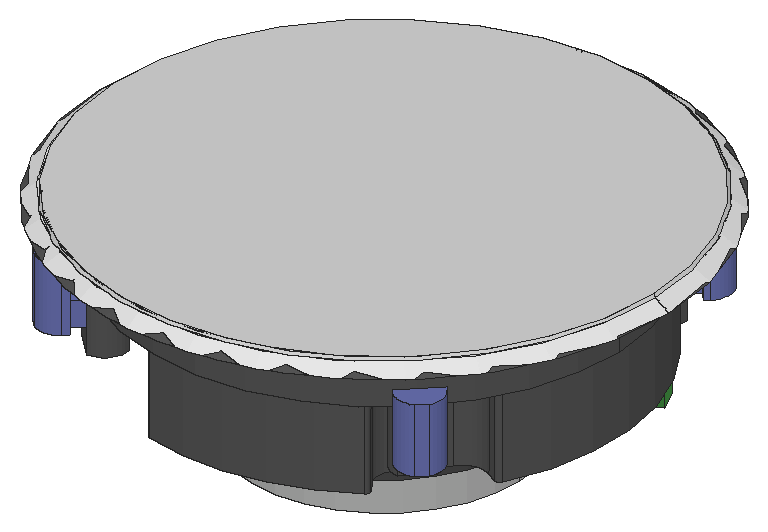
Revit family "QCI6DC", category Communication Devices, Revit 2020
Family settings
  Maintain Annotation Orientation = No
  Round Connector Dimension = Use Diameter
  Part Type = Normal
  Work Plane-Based = Yes
  Always vertical = No
  Cut with Voids When Loaded = Yes
  Shared = No
  Room Calculation Point = No
Parameters
  Weight (kg) [instance] = 2.6  # constant formula
  Thickness [instance] = 12 mm
  Sensitivity [instance] = 86  # constant formula
  SPL Max (Peak) [instance] = 110  # constant formula
  Power Handling (Average) [instance] = 70  # constant formula
  Model = "QCI6DC"
  Manufacturer = "Tannoy"
  Impedance [instance] = 8  # constant formula
  Default Elevation = 0 mm
  Baffle Thickness [instance] = -Thickness  # -12 mm
Reference planes
  plane 1 "Center (Front/Back)": y = 0
  plane 2: z = 0
  plane 3 "Center (Left/Right)": x = 0
Forms (mm)
  Extrusion 1, solid, not visible
    sketch origin (0, 0, 0) x (1, 0, 0) y (0, 1, 0)
      loop
        line (-500, 500) -> (-500, -500) -> (500, -500) -> (500, 500) -> (-500, 500)
    from 0 to -12 <- "Baffle Thickness"
  Extrusion 2, void
    sketch origin (0, 0, 0) x (1, 0, 0) y (0, 1, 0)
      loop
        circle (0, 0) r 101
    from 0 to -12 <- "Baffle Thickness"
Cuts and joins
  Extrusion 2 cuts Extrusion 1
Dimensions and locks
  aligned and locked: level to plane 2
Nested families
  nested 1: "QCI6DC - base2" at (0, 0, 0) x (1, 0, 0) z (0, 0, -1), type "QCI6DC - base2"
    with Thickness 12 mm, Square Grille no, Round Grille yes
Connectors
  electrical at (81.283, 38.017, -63)
    settings: on nested 1, index 1, voltage 0 V, apparent load 0 VA, apparent load phase1 0 VA, apparent load phase2 0 VA, apparent load phase3 0 VA, power factor 1, load classification "Other", number of poles 1, system type 14, power factor state 1, is connector primary yes, connector utility no, sub classification motor no, connector description "Speaker In - 2pin"
Definition of nested family "QCI6DC - base2"
  Parameters (values of type "QCI6DC - base2")
    Thickness [instance] = 12 mm
    Square Grille [instance] = no
    Round Grille [instance] = yes
    Model = "QCI6DC"
    Manufacturer = "Tannoy"
    Default Elevation = 0 mm
  Reference planes
    plane 1 "Center (Front/Back)": y = 0
    plane 2: z = 0
    plane 3 "Center (Left/Right)": x = 0
  Lines and regions (mm)
    model lines, detail levels coarse
      curve 1: circle (0, -0.001, 0) r 100 normal (0, 0, 1)
  Dimensions and locks
    aligned and locked: level to plane 2
  Nested families
    nested 1: "QCI6DC - base1" at (0, 0, 0) x (1, 0, 0) z (0, 0, -1), type "QCI6DC - base1", detail levels medium+fine
      with Thickness 12 mm, Mount Tab Start2 -29 mm, Mount Tab Start -12 mm, Mount Tab End -39 mm
    nested 2: "QCI6 - Round Grille" at (0, 0, 0) x (1, 0, 0) z (0, 0, -1), visible <- "Round Grille", type "QCI6 - Round Grille", detail levels medium+fine
    nested 3: "QCI6 - Square Grille" at (0, 0, 0) x (1, 0, 0) z (0, 0, -1), visible <- "Square Grille", type "QCI6 - Square Grille", detail levels medium+fine
  Definition of nested family "QCI6DC - base1"
    Parameters (values of type "QCI6DC - base1")
      Thickness [instance] = 12 mm
      Mount Tab Start2 [instance] = Mount Tab Start - 17 mm  # -29 mm
      Mount Tab Start [instance] = if((Thickness < 8 mm), -8 mm, -Thickness)  # -12 mm
      Mount Tab End [instance] = Mount Tab Start - 27 mm  # -39 mm
      Model = "QCI6DC"
      Manufacturer = "Tannoy"
      Default Elevation = 0 mm
    Reference planes
      plane 1 "Center (Front/Back)": y = 0
      plane 2: z = 0
      plane 3 "Center (Left/Right)": x = 0
    Forms (mm)
      Blend 1, solid
        base sketch origin (0, 0, 0) x (1, 0, 0) y (0, 1, 0)
          loop
            circle (0, 0) r 120.501
        top sketch origin (0, 0, 0) x (1, 0, 0) y (0, 1, 0)
          loop
            circle (0, 0) r 115.206
        from 0 to 3
      Extrusion 2, solid
        sketch origin (0, 0, 0) x (1, 0, 0) y (0, 1, 0)
          loop
            circle (0, 0) r 99.8
        from 0 to -21.9
      Blend 3, solid
        base sketch origin (-778.373, 0, 0) x (1, 0, 0) y (0, 1, 0)
          loop
            circle (778.373, 0) r 78.657
        top sketch origin (-778.373, 0, 0) x (1, 0, 0) y (0, 1, 0)
          loop
            circle (778.373, 0) r 57.427
        from -21.9 to -73.5
      Extrusion 4, solid
        sketch origin (0, 0, 0) x (1, 0, 0) y (0, 1, 0)
          loop
            circle (0, 0) r 57.427
        from -73.5 to -86
      Blend 5, void
        base sketch origin (0, 0, 0) x (1, 0, 0) y (0, 1, 0)
          loop
            circle (0, 0) r 97.63
        top sketch origin (0, 0, 0) x (1, 0, 0) y (0, 1, 0)
          loop
            circle (0, -0.001) r 72.908
        from 3 to -15
      Blend 6, void
        base sketch origin (0, 0, 0) x (1, 0, 0) y (0, 1, 0)
          loop
            circle (0, -0.001) r 57.426
        top sketch origin (0, 0, 0) x (1, 0, 0) y (0, 1, 0)
          loop
            circle (0, -0.001) r 21.574
        from -15 to -40
      Extrusion 7, solid
        sketch origin (0, 0, 0) x (1, 0, 0) y (0, 1, 0)
          loop
            arc (35.355, 45.252) -> (53.282, -21.421) -> (-5.805, -57.133) r 57.426
            line (-5.805, -57.133) -> (-19.695, -75.013)
            arc (-19.695, -75.013) -> (-20.222, -75.853) -> (-20.571, -76.781) r 4.949
            line (-20.571, -76.781) -> (-24.798, -92.554)
            arc (-24.798, -92.554) -> (-24.584, -94.121) -> (-23.313, -95.064) r 2.041
            arc (-23.313, -95.064) -> (17.86, -96.237) -> (55.871, -80.367) r 97.879
            arc (55.871, -80.367) -> (56.701, -79.059) -> (56.347, -77.551) r 1.999
            line (56.347, -77.551) -> (53.69, -73.896)
            arc (53.69, -73.896) -> (51.723, -67.11) -> (54.882, -60.791) r 9.697
            arc (54.882, -60.791) -> (61.263, -54.354) -> (66.893, -47.252) r 81.899
            arc (66.893, -47.252) -> (72.822, -43.28) -> (79.888, -44.281) r 9.983
            line (79.888, -44.281) -> (83.841, -46.472)
            arc (83.841, -46.472) -> (85.448, -46.54) -> (86.667, -45.49) r 2.188
            arc (86.667, -45.49) -> (97.571, 7.775) -> (78.369, 58.641) r 97.88
            arc (78.369, 58.641) -> (77.034, 59.424) -> (75.54, 59.018) r 1.997
            line (75.54, 59.018) -> (71.979, 56.237)
            arc (71.979, 56.237) -> (65.169, 54.351) -> (58.675, 57.139) r 10.66
            line (58.675, 57.139) -> (52.02, 63.257)
            arc (52.02, 63.257) -> (50.579, 63.748) -> (49.239, 63.024) r 1.902
            line (49.239, 63.024) -> (35.355, 45.252)
        from -21.9 to -56
      Extrusion 8, solid
        sketch origin (0, 0, 0) x (1, 0, 0) y (0, 1, 0)
          loop
            arc (-56.812, 64.163) -> (-58.529, 71.873) -> (-65.505, 75.578) r 9.438
            line (-65.505, 75.578) -> (-75.112, 65.968)
            arc (-75.112, 65.968) -> (-71.843, 58.796) -> (-64.234, 56.741) r 9.259
            line (-64.234, 56.741) -> (-56.812, 64.163)
        from -21.9 to -48
      Extrusion 9, solid
        sketch origin (0, 0, 0) x (1, 0, 0) y (0, 1, 0)
          loop
            line (-71.455, 77.502) -> (-77.081, 72.258) -> (-73.11, 67.972) -> (-67.656, 73.426) -> (-71.455, 77.502)
        from -29 <- "Mount Tab Start2" to -39 <- "Mount Tab End"
      Extrusion 10, solid
        sketch origin (0, 0, 0) x (1, 0, 0) y (0, 1, 0)
          loop
            line (-67.697, 81.013) -> (-69.4, 82.837)
            arc (-69.4, 82.837) -> (-74.402, 85.557) -> (-80.035, 84.725) r 8.988
            line (-80.035, 84.725) -> (-83.687, 81.319)
            arc (-83.687, 81.319) -> (-84.911, 75.758) -> (-82.547, 70.577) r 8.988
            line (-82.547, 70.577) -> (-80.844, 68.75) -> (-67.697, 81.013)
        from -12 <- "Mount Tab Start" to -39 <- "Mount Tab End"
      Extrusion 11, solid
        sketch origin (0.001, -0.001, 0) x (0.008751, -0.999962, 0) y (0.999962, 0.008751, 0)
          loop
            arc (-56.812, 64.163) -> (-58.529, 71.873) -> (-65.505, 75.578) r 9.438
            line (-65.505, 75.578) -> (-75.112, 65.968)
            arc (-75.112, 65.968) -> (-71.843, 58.796) -> (-64.234, 56.741) r 9.259
            line (-64.234, 56.741) -> (-56.812, 64.163)
        from -21.9 to -48
      Extrusion 12, solid
        sketch origin (0.001, -0.001, 0) x (0.004798, -0.999988, 0) y (0.999988, 0.004798, 0)
          loop
            line (-71.455, 77.502) -> (-77.081, 72.258) -> (-73.11, 67.972) -> (-67.656, 73.426) -> (-71.455, 77.502)
        from -29 <- "Mount Tab Start2" to -39 <- "Mount Tab End"
      Extrusion 13, solid
        sketch origin (0.001, -0.001, 0) x (0.004798, -0.999988, 0) y (0.999988, 0.004798, 0)
          loop
            line (-67.697, 81.013) -> (-69.4, 82.837)
            arc (-69.4, 82.837) -> (-74.402, 85.557) -> (-80.035, 84.725) r 8.988
            line (-80.035, 84.725) -> (-83.687, 81.319)
            arc (-83.687, 81.319) -> (-84.911, 75.758) -> (-82.547, 70.577) r 8.988
            line (-82.547, 70.577) -> (-80.844, 68.75) -> (-67.697, 81.013)
        from -12 <- "Mount Tab Start" to -39 <- "Mount Tab End"
      Extrusion 14, solid
        sketch origin (-0.001, -0.001, 0) x (-0.006119, 0.999981, 0) y (-0.999981, -0.006119, 0)
          loop
            arc (-56.812, 64.163) -> (-58.529, 71.873) -> (-65.505, 75.578) r 9.438
            line (-65.505, 75.578) -> (-75.112, 65.968)
            arc (-75.112, 65.968) -> (-71.843, 58.796) -> (-64.234, 56.741) r 9.259
            line (-64.234, 56.741) -> (-56.812, 64.163)
        from -21.9 to -48
      Extrusion 15, solid
        sketch origin (-0.001, -0.001, 0) x (-0.006119, 0.999981, 0) y (-0.999981, -0.006119, 0)
          loop
            line (-71.455, 77.502) -> (-77.081, 72.258) -> (-73.11, 67.972) -> (-67.656, 73.426) -> (-71.455, 77.502)
        from -29 <- "Mount Tab Start2" to -39 <- "Mount Tab End"
      Extrusion 16, solid
        sketch origin (-0.001, -0.001, 0) x (-0.006119, 0.999981, 0) y (-0.999981, -0.006119, 0)
          loop
            line (-67.697, 81.013) -> (-69.4, 82.837)
            arc (-69.4, 82.837) -> (-74.402, 85.557) -> (-80.035, 84.725) r 8.988
            line (-80.035, 84.725) -> (-83.687, 81.319)
            arc (-83.687, 81.319) -> (-84.911, 75.758) -> (-82.547, 70.577) r 8.988
            line (-82.547, 70.577) -> (-80.844, 68.75) -> (-67.697, 81.013)
        from -12 <- "Mount Tab Start" to -39 <- "Mount Tab End"
      Extrusion 17, solid
        sketch origin (0.001, -0.002, 0) x (-0.999991, -0.004128, 0) y (0.004128, -0.999991, 0)
          loop
            arc (-56.812, 64.163) -> (-58.529, 71.873) -> (-65.505, 75.578) r 9.438
            line (-65.505, 75.578) -> (-75.112, 65.968)
            arc (-75.112, 65.968) -> (-71.843, 58.796) -> (-64.234, 56.741) r 9.259
            line (-64.234, 56.741) -> (-56.812, 64.163)
        from -21.9 to -48
      Extrusion 18, solid
        sketch origin (0.001, -0.002, 0) x (-0.999991, -0.004128, 0) y (0.004128, -0.999991, 0)
          loop
            line (-71.455, 77.502) -> (-77.081, 72.258) -> (-73.11, 67.972) -> (-67.656, 73.426) -> (-71.455, 77.502)
        from -29 <- "Mount Tab Start2" to -39 <- "Mount Tab End"
      Extrusion 19, solid
        sketch origin (0.001, -0.002, 0) x (-0.999991, -0.004128, 0) y (0.004128, -0.999991, 0)
          loop
            line (-67.697, 81.013) -> (-69.4, 82.837)
            arc (-69.4, 82.837) -> (-74.402, 85.557) -> (-80.035, 84.725) r 8.988
            line (-80.035, 84.725) -> (-83.687, 81.319)
            arc (-83.687, 81.319) -> (-84.911, 75.758) -> (-82.547, 70.577) r 8.988
            line (-82.547, 70.577) -> (-80.844, 68.75) -> (-67.697, 81.013)
        from -12 <- "Mount Tab Start" to -39 <- "Mount Tab End"
      Extrusion 20, solid
        sketch origin (0, 0, 0) x (1, 0, 0) y (0, 1, 0)
          loop
            line (72.915, 39.568) -> (77.202, 30.547) -> (89.651, 36.466) -> (85.365, 45.486) -> (72.915, 39.568)
        from -56 to -63
    Cuts and joins
      Blend 5 cuts Blend 1
      Blend 5, Blend 6 cuts Extrusion 2
      Blend 6 cuts Blend 3
      joined: Extrusion 2, Blend 3, Extrusion 7
    Lines and regions (mm)
      model lines
        curve 1: circle (-0.001, -0.001, -40) r 13.635 normal (0, 0, 1)
        curve 2: circle (0.001, 0.001, -40) r 6.391 normal (0, 0, 1)
    Dimensions and locks
      aligned and locked: level to plane 2
  Definition of nested family "QCI6 - Round Grille"
    Parameters
      Default Elevation = 1219.2 mm
    Reference planes
      plane 1 "Center (Front/Back)": y = 0
      plane 2: z = 0
      plane 3 "Center (Left/Right)": x = 0
    Forms (mm)
      Blend 1, solid
        base sketch origin (0, 0, 0) x (1, 0, 0) y (0, 1, 0)
          loop
            circle (0, 0) r 120.501
        top sketch origin (0, 0, 0) x (1, 0, 0) y (0, 1, 0)
          loop
            circle (0, 0.001) r 115
        from 0 to 3.9
      Blend 2, solid
        base sketch origin (0, 0, 0) x (1, 0, 0) y (0, 1, 0)
          loop
            circle (0, 0) r 114.856
        top sketch origin (0, 0, 0) x (1, 0, 0) y (0, 1, 0)
          loop
            circle (0, 0) r 114
        from 3.9 to 5
    Dimensions and locks
      aligned and locked: level to plane 2
  Definition of nested family "QCI6 - Square Grille"
    Parameters
      Default Elevation = 1219.2 mm
    Reference planes
      plane 1 "Center (Front/Back)": y = 0
      plane 2: z = 0
      plane 3 "Center (Left/Right)": x = 0
    Forms (mm)
      Blend 1, solid
        base sketch origin (0, 0, 0) x (1, 0, 0) y (0, 1, 0)
          loop
            arc (-118.499, 120.501) -> (-119.913, 119.915) -> (-120.499, 118.501) r 2
            line (-120.499, 118.501) -> (-120.499, -118.499)
            arc (-120.499, -118.499) -> (-119.913, -119.914) -> (-118.499, -120.499) r 2
            line (-118.499, -120.499) -> (118.501, -120.499)
            arc (118.501, -120.499) -> (119.915, -119.914) -> (120.501, -118.499) r 2
            line (120.501, -118.499) -> (120.501, 118.528)
            arc (120.501, 118.528) -> (119.923, 119.923) -> (118.528, 120.501) r 1.973
            line (118.528, 120.501) -> (-118.499, 120.501)
        top sketch origin (0, 0, 0) x (1, 0, 0) y (0, 1, 0)
          loop
            arc (-109.375, 114.861) -> (-113.251, 113.256) -> (-114.856, 109.38) r 5.481
            line (-114.856, 109.38) -> (-114.856, -109.357)
            arc (-114.856, -109.357) -> (-113.245, -113.246) -> (-109.356, -114.857) r 5.5
            line (-109.356, -114.857) -> (109.359, -114.857)
            arc (109.359, -114.857) -> (113.248, -113.246) -> (114.859, -109.357) r 5.5
            line (114.859, -109.357) -> (114.859, 109.361)
            arc (114.859, 109.361) -> (113.248, 113.25) -> (109.359, 114.861) r 5.5
            line (109.359, 114.861) -> (-109.375, 114.861)
        from 0 to 4
      Extrusion 2, solid
        sketch origin (0, 0, 0) x (1, 0, 0) y (0, 1, 0)
          loop
            arc (-109.375, 114.861) -> (-113.251, 113.256) -> (-114.856, 109.38) r 5.481
            line (-114.856, 109.38) -> (-114.856, -109.357)
            arc (-114.856, -109.357) -> (-113.245, -113.246) -> (-109.356, -114.857) r 5.5
            line (-109.356, -114.857) -> (109.359, -114.857)
            arc (109.359, -114.857) -> (113.248, -113.246) -> (114.859, -109.357) r 5.5
            line (114.859, -109.357) -> (114.859, 109.361)
            arc (114.859, 109.361) -> (113.248, 113.25) -> (109.359, 114.861) r 5.5
            line (109.359, 114.861) -> (-109.375, 114.861)
        from 4 to 5.1
    Dimensions and locks
      aligned and locked: level to plane 2
